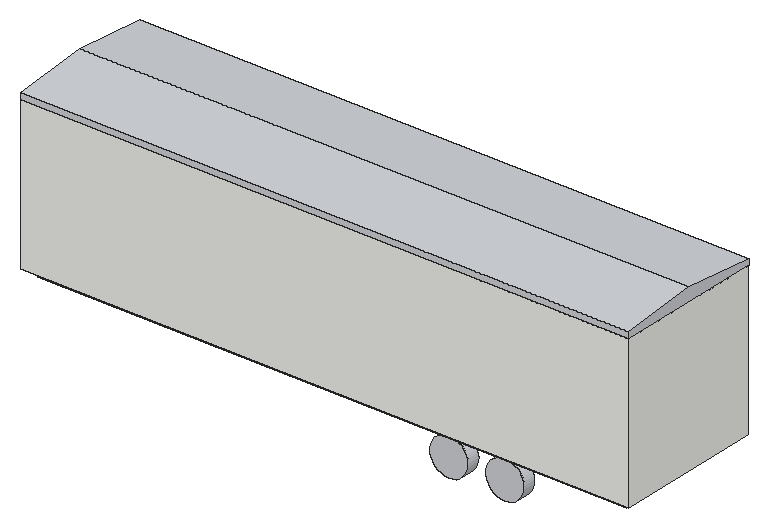
Revit family "M_Reboque de construção", category Terreno, Revit 2019
Family settings
  Cota do conector redondo = Utilizar diâmetro
  Tipo de parte = Normal
  ID de item do Seek = Construction Trailer-0000-CAN-ENU
  Com base no plano de trabalho = Não
  Sempre na vertical = Sim
  Corte com vazios quando carregada = Não
  Compartilhado = Não
Parameters (values of type "9800 x 2400mm")
  Comprimento = 9800 mm
  Largura = 2400 mm
Types (3, lengths in mm): name | Comprimento
  (no name) | 9800
  9800 x 2400mm | 9800
  12000 x 2400mm | 12000
Reference planes
  plane 1 "Centro (Frente/Trás)": y = 0
  plane 2: z = 0
  plane 3 "Centro (Esquerda/Direita)": x = 0
  plane 4: y = 1200
  plane 5: y = -1200
  plane 6: x = -4900
  plane 7: x = 4900
  plane 8: z = 762
  plane 9: z = 3200.4
  plane 10: x = 2722.164
  plane 11: x = 1807.764
  plane 12: z = 3302
Forms (mm)
  Extrusion 1, solid, material "Acabamento - Branco"
    sketch origin (0, 0, 0) x (1, 0, 0) y (0, 1, 0)
      loop
        line (-4900, 1200) -> (-4900, -1200) -> (4900, -1200) -> (4900, 1200) -> (-4900, 1200)
    from 762 to 3200.4
  Extrusion 2, solid
    sketch origin (-4900, -1200, 3200.4) x (0, 0, -1) y (1, 0, 0)
      loop
        circle (2899.876, 6707.764) r 304.8
    from -451.264 to -244.328
  Extrusion 3, solid
    sketch origin (-3962.4, -1219.2, 3200.4) x (0, 0, -1) y (1, 0, 0)
      loop
        circle (2899.876, 6684.564) r 304.8
    from -451.264 to -244.328
  Extrusion 4, solid
    sketch origin (-4876.8, 1219.2, 3200.4) x (0, 0, -1) y (-1, 0, 0)
      loop
        circle (2899.876, -6684.564) r 304.8
    from -451.264 to -244.277
  Extrusion 5, solid
    sketch origin (-3962.4, 1219.2, 3200.4) x (0, 0, -1) y (-1, 0, 0)
      loop
        circle (2899.876, -6684.564) r 304.8
    from -451.264 to -244.328
  Extrusion 6, solid
    sketch origin (0, 0, 0) x (1, 0, 0) y (0, 1, 0)
      loop
        line (-4747.6, -1047.6) -> (4747.6, -1047.6) -> (4747.6, 1047.6) -> (-4747.6, 1047.6) -> (-4747.6, -1047.6)
    from 640.364 to 762
  Extrusion 7, solid
    sketch origin (-4900, 1200, 3200.4) x (0, 0, -1) y (0, -1, 0)
      loop
        line (0, 0) -> (0, 2400) -> (-101.6, 2400) -> (-215.659, 1200) -> (-101.6, 0) -> (0, 0)
    from -9800 to 0
Lines and regions (mm)
  Split face 1
    outline origin (-4900, -1200, 3200.4) x (0, 0, -1) y (1, 0, 0)
      loop
        line (2420.398, 7411.347) -> (2420.398, 8173.347) -> (388.398, 8173.347) -> (388.398, 7411.347) -> (2420.398, 7411.347)
  Split face 2
    outline origin (-4900, -1200, 3200.4) x (0, 0, -1) y (1, 0, 0)
      loop
        line (388.398, 5612.532) -> (1302.798, 5612.532) -> (1302.798, 6679.332) -> (388.398, 6679.332) -> (388.398, 5612.532)
  Split face 3
    outline origin (-4900, -1200, 3200.4) x (0, 0, -1) y (1, 0, 0)
      loop
        line (433.499, 5652.239) -> (1271.699, 5652.239) -> (1271.699, 6642.839) -> (433.499, 6642.839) -> (433.499, 5652.239)
  Split face 4
    outline origin (-7924.8, -1219.2, 3200.4) x (0, 0, -1) y (1, 0, 0)
      loop
        line (388.398, 5589.332) -> (1302.798, 5589.332) -> (1302.798, 6656.132) -> (388.398, 6656.132) -> (388.398, 5589.332)
  Split face 5
    outline origin (-7924.8, -1219.2, 3200.4) x (0, 0, -1) y (1, 0, 0)
      loop
        line (433.499, 5629.039) -> (1271.699, 5629.039) -> (1271.699, 6619.639) -> (433.499, 6619.639) -> (433.499, 5629.039)
  Split face 6
    outline origin (4900, -1200, 3200.4) x (0, 0, -1) y (0, 1, 0)
      loop
        line (387.624, 609.6) -> (1302.024, 609.6) -> (1302.024, 1790.4) -> (387.624, 1790.4) -> (387.624, 609.6)
  Split face 7
    outline origin (4900, -1200, 3200.4) x (0, 0, -1) y (0, 1, 0)
      loop
        line (424.527, 646.7) -> (1262.727, 646.7) -> (1262.727, 1751.3) -> (424.527, 1751.3) -> (424.527, 646.7)
  Split face 8
    outline origin (-11150.6, -1219.2, 3200.4) x (0, 0, -1) y (1, 0, 0)
      loop
        line (2420.398, 7388.147) -> (2420.398, 8150.147) -> (388.398, 8150.147) -> (388.398, 7388.147) -> (2420.398, 7388.147)
Dimensions and locks
  equal spacing: plane 5, plane 1 "Centro (Frente/Trás)", plane 4
  "Largura": plane 5 to plane 4
  equal spacing: plane 6, plane 3 "Centro (Esquerda/Direita)", plane 7
  "Comprimento": plane 6 to plane 7
  locked: plane 9 to plane 12 at 101.6
  aligned and locked: plane 6 to Extrusion 1 sketch curve
  aligned and locked: plane 4 to Extrusion 1 sketch curve
  aligned and locked: plane 5 to Extrusion 1 sketch curve
  aligned and locked: plane 7 to Extrusion 1 sketch curve
  aligned and locked: Extrusion 6 to plane 8
  aligned and locked: Extrusion 7 to plane 7
  aligned and locked: Extrusion 7 to plane 6
Automatic sketch dimensions
  Extrusion 2 sketch curve to plane 11 = 0 mm
  plane 8 to Extrusion 2 sketch curve = 156.676 mm
  level to Extrusion 2 sketch curve = 300.524 mm
  Extrusion 3 sketch curve to plane 11 = 914.4 mm
  plane 8 to Extrusion 3 sketch curve = 156.676 mm
  level to Extrusion 3 sketch curve = 300.524 mm
  Extrusion 4 sketch curve to plane 11 = 0 mm
  plane 8 to Extrusion 4 sketch curve = 156.676 mm
  level to Extrusion 4 sketch curve = 300.524 mm
  Extrusion 5 sketch curve to plane 10 = 0 mm
  plane 8 to Extrusion 5 sketch curve = 156.676 mm
  level to Extrusion 5 sketch curve = 300.524 mm
  plane 6 to Extrusion 6 sketch curve = 152.4 mm
  plane 7 to Extrusion 6 sketch curve = 152.4 mm
  Extrusion 6 sketch curve to plane 5 = 152.4 mm
  plane 4 to Extrusion 6 sketch curve = 152.4 mm
  Split face 1 sketch curve to Extrusion 1 = 388.398 mm
  Split face 1 sketch curve to Extrusion 1 = 18.002 mm
  Split face 1 sketch curve to Extrusion 1 = 2388.653 mm
  Split face 1 sketch curve to Split face 1 sketch curve = 762 mm
  Split face 2 sketch curve to Extrusion 1 = 388.398 mm
  Split face 2 sketch curve to Split face 2 sketch curve = 914.4 mm
  Split face 2 sketch curve to Extrusion 1 = 4187.468 mm
  Split face 2 sketch curve to Split face 2 sketch curve = 1066.8 mm
  Split face 3 sketch curve to Extrusion 1 = 433.499 mm
  Split face 3 sketch curve to Split face 3 sketch curve = 838.2 mm
  Split face 3 sketch curve to Extrusion 1 = 4147.761 mm
  Split face 3 sketch curve to Split face 3 sketch curve = 990.6 mm
  Split face 4 sketch curve to Split face 4 sketch curve = 914.4 mm
  Split face 4 sketch curve to Split face 4 sketch curve = 1066.8 mm
  Split face 5 sketch curve to Split face 5 sketch curve = 838.2 mm
  Split face 5 sketch curve to Split face 5 sketch curve = 990.6 mm
  Split face 4 sketch curve to Extrusion 1 = 388.398 mm
  Split face 4 sketch curve to Extrusion 1 = 7235.468 mm
  Split face 5 sketch curve to Extrusion 1 = 433.499 mm
  Split face 5 sketch curve to Extrusion 1 = 7195.761 mm
  Split face 6 sketch curve to Extrusion 1 = 387.624 mm
  Split face 6 sketch curve to Split face 6 sketch curve = 914.4 mm
  Split face 6 sketch curve to Extrusion 1 = 609.6 mm  (x2)
  Split face 7 sketch curve to Extrusion 1 = 424.527 mm
  Split face 7 sketch curve to Split face 7 sketch curve = 838.2 mm
  Split face 7 sketch curve to Extrusion 1 = 646.7 mm
  Split face 7 sketch curve to Extrusion 1 = 648.7 mm
  Extrusion 7 sketch curve to plane 1 "Centro (Frente/Trás)" = 0 mm
  Extrusion 7 sketch curve to plane 4 = 0 mm
  Extrusion 7 sketch curve to plane 12 = 0 mm  (x2)
  Extrusion 7 sketch curve to plane 5 = 0 mm
  Extrusion 7 sketch curve to plane 9 = 0 mm
  Extrusion 7 sketch curve to plane 12 = 114.059 mm
  Split face 8 sketch curve to Split face 8 sketch curve = 762 mm
  Split face 8 sketch curve to Extrusion 1 = 388.398 mm
  Split face 8 sketch curve to Extrusion 1 = 18.002 mm
  Split face 8 sketch curve to Extrusion 1 = 8662.453 mm
